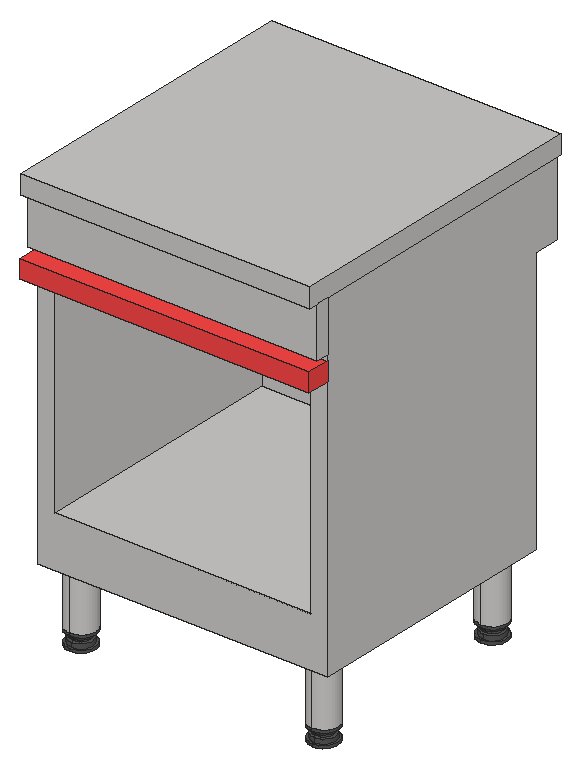
Revit family "ADB Armoire de rangement CMA 600 P", category Equipement spécialisé, Revit 2022
Family settings
  Cote de connecteur circulaire = Utiliser le diamètre
  Type d'élément = Normal
  Numéro OmniClass = 23.40.40.14.17.11
  Titre OmniClass = Cookers, Ovens, Stoves
  Basée sur le plan de construction = Non
  Toujours verticalement = Oui
  Couper avec des vides une fois chargée = Non
  Conserver l'orientation des annotations = Non
  Partagée = Non
  Repère de localisation dans la pièce = Non
Parameters (values of type "CMA 600 P")
  URL catalogue = "https://www.ambassade-de-bourgogne.com/fr/produits/armoires/Resources/N26-CMA_600_P.pdf"
  URL = "https://www.ambassade-de-bourgogne.com/fr/produits/armoires/Resources/N26-CMA_600_P.pdf"
  Type article = ""
  Spécification du Fabricant = ""
  Porte inversée [instance] = no
  Profondeur [instance] = 652 mm + if(Dosseret DSA 600, 50 mm, 0 mm) + if(Porte CPM 600, 53 mm, 0 mm)  # 652 mm
  Porte CPM 600 [instance] = no
  Poids net à vide [instance] = 55.00 kg + if(Dosseret DSA 600, 1.00 kg, 0.00 kg) + if(Porte CPM 600, 5.00 kg, 0.00 kg)  # 55.00 kg
  Modèle = "CMA 600 P"
  Longueur [instance] = 600 mm  # constant formula
  Hauteur [instance] = 900 mm + if(Dosseret DSA 600, 100 mm, 0 mm)  # 900 mm
  Fabricant = "Société Industrielle de Lacanche"  # constant formula
  Elévation par défaut = 0 mm
  Echelles ECH 400 [instance] = no
  Dosseret DSA 600 [instance] = no
  Dosseret [instance] = if(Dosseret DSA 600, 50 mm, 0 mm)  # 0 mm
  Description = "Armoire de rangement"
  Connecteurs [instance] = yes
  Commentaires du type = "Gamme Ambassade - Armoires - Armoire de rangement"
Reference planes
  plane 1 "Centre (avant/arrière)": y = 0
  plane 2: z = 0
  plane 3 "Centre (gauche/droite)": x = 0
  plane 4 "gauche": x = -300
  plane 5 "droite": x = 300
  plane 6 "fond de meuble": y = 325
  plane 7 "avant": y = -325
  plane 8 "arrière": y = 325
  plane 9: z = 900
  plane 10: y = -327
Forms (mm)
  Extrusion 1, solid, detail levels coarse
    sketch origin (0, 0, 0) x (1, 0, 0) y (0, 1, 0)
      loop
        line (-300, 325.033) -> (-300, -327) -> (300, -327) -> (300, 325.033) -> (-300, 325.033)
    from 0 to 900 <- "Hauteur"
Dimensions and locks
  equal spacing: plane 5 "droite", plane 3 "Centre (gauche/droite)", plane 4 "gauche"
  "Longueur": plane 5 "droite" to plane 4 "gauche"
  plane 6 "fond de meuble" to plane 7 "avant" = 650 mm
  locked: plane 7 "avant" to plane 1 "Centre (avant/arrière)" at 325
  "Dosseret": plane 8 "arrière" to plane 6 "fond de meuble"
  "Hauteur": plane 9 to plane 2
  "Profondeur": plane 8 "arrière" to plane 10
  aligned and locked: level to plane 2
  aligned and locked: plane 3 "Centre (gauche/droite)" to nested 1
  aligned and locked: Extrusion 1 to plane 10
Automatic sketch dimensions
  Extrusion 1 sketch curve to plane 4 "gauche" = 0 mm
  Extrusion 1 sketch curve to plane 5 "droite" = 0 mm
  Extrusion 1 sketch curve to plane 7 "avant" = 2 mm
  plane 8 "arrière" to Extrusion 1 sketch curve = 0.033 mm
Nested families
  nested 1: "Soubassement armoire" at (0, 0, 0), Dosseret <- "Dosseret DSA 600", Porte <- "Porte CPM 600", Porte inversée <- "Porte inversée", Echelle <- "Echelles ECH 400", type "1 armoire", detail levels medium+fine
    with Profondeur 703 mm, Porte inversée no, Porte no, Longueur 600 mm, Hauteur 900 mm, Encombrement Porte standard no, Encombrement Porte inversée no, Echelle no, Décalage poignée 233.5 mm, Dosseret no
Definition of nested family "Soubassement armoire"
  Parameters (values of type "1 armoire")
    Profondeur produit = 650 mm
    Profondeur baie libre = if(Baie libre, Profondeur produit - 68 mm, 1 mm)  # 582 mm
    Porte inversée [instance] = no
    Longueur poignée = 229 mm  # constant formula
    Encombrement Porte inversée [instance] = and(Porte, Porte inversée)  # no
    Encombrement Porte standard [instance] = and(Porte, not(Porte inversée))  # no
    Porte [instance] = no
    Profondeur [instance] = Profondeur produit + if(Dosseret, 50 mm, 0 mm) + 53 mm  # 703 mm
    Longueur produit = 600 mm
    Longueur [instance] = Longueur produit  # 600 mm
    Hauteur produit = 900 mm
    Hauteur [instance] = Hauteur produit + if(Dosseret, 100 mm, 0 mm)  # 900 mm
    Default Elevation = 0 mm
    Echelle [instance] = no
    Décalage poignée [instance] = if(Porte inversée, Longueur, 233.5 mm)  # 233.5 mm
    Dosseret [instance] = no
    Baie libre = yes
  Reference planes
    plane 1 "Centre (avant/arrière)": y = 0
    plane 2: z = 0
    plane 3 "Centre (gauche/droite)": x = 0
    plane 4 "Gauche": x = -300
    plane 5 "Arrière": y = 325
    plane 6 "Droite": x = 300
    plane 7 "Avant": y = -325
    plane 8 "dessous meuble": z = 155
    plane 9 "Dessus de plan": z = 900
    plane 10 "Baguette coloré": z = 696
    plane 11 "dessous plan": z = 860
    plane 12 "Face": y = -280
    plane 13 "commande": z = 755
    plane 14 "dessus dosseret": z = 900
    plane 15: y = -377.967
    plane 16: y = 325.033
    plane 17 "Baguette colorë": y = -780
    plane 18: x = -66.5
  Forms (mm)
    Extrusion 1, solid, visible <- "Porte", detail levels medium+fine
      sketch origin (-300, 0, 0) x (0, 1, 0) y (0, 0, 1)
        loop
          line (-325, 155) -> (-280, 155) -> (-280, 696) -> (-325, 696) -> (-325, 155)
      from 0 to 600 <- "Longueur"
    Extrusion 2, solid, detail levels medium+fine
      sketch origin (-300, 0, 0) x (0, 1, 0) y (0, 0, 1)
        loop
          line (-280, 742.5) -> (-327, 742.5) -> (-327, 705) -> (-280, 705) -> (-280, 742.5)
      from 0 to 600 <- "Longueur"
    Extrusion 3, solid, detail levels medium+fine
      sketch origin (-300, 0, 0) x (0, 1, 0) y (0, 0, 1)
        loop
          line (325, 900) -> (-325, 900) -> (-325, 860) -> (325, 860) -> (325, 900)
      from 0 to 600 <- "Longueur"
    Extrusion 4, void
      sketch origin (0, -325, 0) x (-1, 0, 0) y (0, 0, 1)
        loop
          line (266, 679) -> (-266, 679) -> (-266, 261.5) -> (266, 261.5) -> (266, 679)
      from 0 to 582 <- "Profondeur baie libre"
    Extrusion 5, solid, detail levels medium+fine
      sketch origin (-300, 0, 0) x (0, 1, 0) y (0, 0, 1)
        loop
          line (-280, 860) -> (-306, 860) -> (-306, 755) -> (-280, 755) -> (-280, 860)
      from 0 to 600 <- "Longueur"
    Extrusion 6, solid, detail levels medium+fine
      sketch origin (-300, 0, 0) x (0, 1, 0) y (0, 0, 1)
        loop
          line (315, 860) -> (-280, 860) -> (-280, 155) -> (260, 155) -> (260, 707) -> (315, 707) -> (315, 860)
      from 0 to 600 <- "Longueur"
    Revolve 7, solid, detail levels medium+fine
      sketch origin (251.965, 0, 0) x (0, 1, 0) y (0, 0, -1)
        loop
          line (-258.968, -155) -> (-229, -155) -> (-229, 0) -> (-258.492, 0) -> (-258.492, -5) -> (-253.001, -5) -> (-253.001, -13.586) -> (-248.857, -16.488) -> (-248.857, -22) -> (-252.82, -22) -> (-258.968, -28.148) -> (-258.968, -34) -> (-258.968, -155)
        axis (-229, 0) -> (-229, -155)
      angle from 0 to 360
    Revolve 8, solid, detail levels medium+fine
      sketch origin (-251.965, 0, 0) x (0, 1, 0) y (0, 0, 1)
        loop
          line (-258.968, 155) -> (-258.968, 34) -> (-258.968, 28.148) -> (-252.82, 22) -> (-248.857, 22) -> (-248.857, 16.488) -> (-253.001, 13.586) -> (-253.001, 5) -> (-258.492, 5) -> (-258.492, 0) -> (-229, 0) -> (-229, 155) -> (-258.968, 155)
        axis (-229, 0) -> (-229, 155)
      angle from 0 to 360
    Revolve 9, solid, detail levels medium+fine
      sketch origin (-251.965, -20, 0) x (0, -1, 0) y (0, 0, -1)
        loop
          line (-258.968, -155) -> (-229, -155) -> (-229, 0) -> (-258.492, 0) -> (-258.492, -5) -> (-253.001, -5) -> (-253.001, -13.586) -> (-248.857, -16.488) -> (-248.857, -22) -> (-252.82, -22) -> (-258.968, -28.148) -> (-258.968, -34) -> (-258.968, -155)
        axis (-229, 0) -> (-229, -155)
      angle from 0 to 360
    Extrusion 10, solid, visible <- "Dosseret", detail levels medium+fine
      sketch origin (-300, 0, 0) x (0, 1, 0) y (0, 0, 1)
        loop
          line (375.033, 1000) -> (325, 1000) -> (325, 860) -> (375.033, 860) -> (375.033, 1000)
      from 0 to 600 <- "Longueur"
    Revolve 11, solid, detail levels medium+fine
      sketch origin (251.965, -20, 0) x (0, -1, 0) y (0, 0, 1)
        loop
          line (-258.968, 155) -> (-258.968, 34) -> (-258.968, 28.148) -> (-252.82, 22) -> (-248.857, 22) -> (-248.857, 16.488) -> (-253.001, 13.586) -> (-253.001, 5) -> (-258.492, 5) -> (-258.492, 0) -> (-229, 0) -> (-229, 155) -> (-258.968, 155)
        axis (-229, 0) -> (-229, 155)
      angle from 0 to 360
    Extrusion 12, void
      sketch origin (0, 0, 900) x (0, -1, 0) y (1, 0, 0)
        loop
          line (-307.033, -266.567) -> (-293.033, -266.567) -> (-293.033, 266.464) -> (-307.033, 266.464) -> (-307.033, -266.567)
      from 0 to -0.8
    Extrusion 13, solid, detail levels medium+fine
      sketch origin (-300, 260, 155) x (0, 0, 1) y (1, 0, 0)
        loop
          line (65, 454) -> (65, 146) -> (552, 146) -> (552, 454) -> (65, 454)
      from 0 to 35
    Extrusion 14, solid, visible <- "Echelle"
      sketch origin (0, 0, 0) x (1, 0, 0) y (0, 0, 1)
        loop
          line (-266, 648.8) -> (-266, 623.8) -> (-256.5, 623.8) -> (-256.5, 625) -> (-264.8, 625) -> (-264.8, 647.6) -> (-248, 647.6) -> (-248, 648.8) -> (-266, 648.8)
        loop
          line (-266, 548.8) -> (-266, 523.8) -> (-256.5, 523.8) -> (-256.5, 525) -> (-264.8, 525) -> (-264.8, 547.6) -> (-248, 547.6) -> (-248, 548.8) -> (-266, 548.8)
        loop
          line (-266, 448.8) -> (-266, 423.8) -> (-256.5, 423.8) -> (-256.5, 425) -> (-264.8, 425) -> (-264.8, 447.6) -> (-248, 447.6) -> (-248, 448.8) -> (-266, 448.8)
        loop
          line (-266, 348.8) -> (-266, 323.8) -> (-256.5, 323.8) -> (-256.5, 325) -> (-264.8, 325) -> (-264.8, 347.6) -> (-248, 347.6) -> (-248, 348.8) -> (-266, 348.8)
      from -113.466 to 206.5
    Extrusion 15, solid, visible <- "Echelle"
      sketch origin (0, 0, 0) x (-1, 0, 0) y (0, 0, -1)
        loop
          line (-266, -648.8) -> (-248, -648.8) -> (-248, -647.6) -> (-264.8, -647.6) -> (-264.8, -625) -> (-256.5, -625) -> (-256.5, -623.8) -> (-266, -623.8) -> (-266, -648.8)
        loop
          line (-266, -548.8) -> (-248, -548.8) -> (-248, -547.6) -> (-264.8, -547.6) -> (-264.8, -525) -> (-256.5, -525) -> (-256.5, -523.8) -> (-266, -523.8) -> (-266, -548.8)
        loop
          line (-266, -448.8) -> (-248, -448.8) -> (-248, -447.6) -> (-264.8, -447.6) -> (-264.8, -425) -> (-256.5, -425) -> (-256.5, -423.8) -> (-266, -423.8) -> (-266, -448.8)
        loop
          line (-266, -348.8) -> (-248, -348.8) -> (-248, -347.6) -> (-264.8, -347.6) -> (-264.8, -325) -> (-256.5, -325) -> (-256.5, -323.8) -> (-266, -323.8) -> (-266, -348.8)
      from -113.466 to 206.5
  Cuts and joins
    Extrusion 4 cuts Extrusion 6
    Extrusion 12 cuts Extrusion 10
  Lines and regions (mm)
    symbolic lines, visible <- "Encombrement Porte standard"
      curve 1: line (300, -280, 155) -> (300, -880, 155)
      curve 4: arc (-300, -280, 155) -> (-124.264, -704.264, 155) -> (300, -880, 155) r 600
    symbolic lines, visible <- "Encombrement Porte inversée"
      curve 2: line (-300, -280, 155) -> (-300, -880, 155)
      curve 3: arc (300, -280, 155) -> (124.264, -704.264, 155) -> (-300, -880, 155) r 600
  Dimensions and locks
    equal spacing: plane 7 "Avant", plane 1 "Centre (avant/arrière)", plane 5 "Arrière"
    "Profondeur produit": plane 5 "Arrière" to plane 7 "Avant"
    equal spacing: plane 4 "Gauche", plane 3 "Centre (gauche/droite)", plane 6 "Droite"
    "Longueur produit": plane 4 "Gauche" to plane 6 "Droite"
    "Hauteur produit": plane 9 "Dessus de plan" to plane 2
    locked: plane 8 "dessous meuble" to plane 2 at 155
    locked: plane 9 "Dessus de plan" to plane 11 "dessous plan" at 40
    locked: plane 7 "Avant" to plane 12 "Face" at 45
    locked: plane 13 "commande" to plane 10 "Baguette coloré" at 59
    locked: plane 11 "dessous plan" to plane 13 "commande" at 105
    Extrusion 4 sketch curve to plane 8 "dessous meuble" = 106.5 mm
    Extrusion 4 sketch curve to plane 6 "Droite" = 34 mm
    Extrusion 4 sketch curve to plane 4 "Gauche" = 34 mm
    plane 10 "Baguette coloré" to Extrusion 4 sketch curve = 17 mm
    "Hauteur": plane 14 "dessus dosseret" to plane 2
    locked: plane 7 "Avant" to plane 15 at 52.967
    "Profondeur": plane 15 to plane 16
    equal spacing: Extrusion 13 sketch curve, plane 3 "Centre (gauche/droite)", Extrusion 13 sketch curve
    "Décalage poignée": plane 18 to plane 4 "Gauche"
    locked: plane 4 "Gauche" to Revolve 9 at 18.067
    locked: Revolve 11 to plane 6 "Droite" at 18.067
    locked: Revolve 7 to plane 6 "Droite" at 18.067
    locked: plane 4 "Gauche" to Revolve 8 at 18.067
    locked: Revolve 8 to plane 12 "Face" at 21.032
    locked: Revolve 7 to plane 12 "Face" at 21.032
    locked: plane 5 "Arrière" to Extrusion 10 sketch curve at 50.033
    plane 16 to Extrusion 12 sketch curve to Extrusion 12 sketch curve = 18 mm locked, 14 mm locked
    aligned and locked: level to plane 2
    aligned and locked: plane 18 to nested 1
  Automatic sketch dimensions
    Extrusion 1 sketch curve to plane 7 "Avant" = 0 mm
    Extrusion 1 sketch curve to plane 10 "Baguette coloré" = 0 mm
    Extrusion 1 sketch curve to plane 12 "Face" = 0 mm
    Extrusion 1 sketch curve to plane 8 "dessous meuble" = 0 mm
    Extrusion 2 sketch curve to plane 12 "Face" = 0 mm
    Extrusion 2 sketch curve to plane 7 "Avant" = 2 mm
    plane 10 "Baguette coloré" to Extrusion 2 sketch curve = 9 mm
    Extrusion 2 sketch curve to plane 13 "commande" = 12.5 mm
    Extrusion 3 sketch curve to plane 7 "Avant" = 0 mm
    Extrusion 3 sketch curve to plane 5 "Arrière" = 0 mm
    Extrusion 3 sketch curve to plane 11 "dessous plan" = 0 mm
    Extrusion 3 sketch curve to plane 9 "Dessus de plan" = 0 mm
    Extrusion 5 sketch curve to plane 11 "dessous plan" = 0 mm
    Extrusion 5 sketch curve to plane 13 "commande" = 0 mm
    Extrusion 5 sketch curve to plane 12 "Face" = 0 mm
    plane 7 "Avant" to Extrusion 5 sketch curve = 19 mm
    Extrusion 6 sketch curve to plane 11 "dessous plan" = 0 mm
    Extrusion 6 sketch curve to plane 12 "Face" = 0 mm
    Extrusion 6 sketch curve to plane 8 "dessous meuble" = 0 mm
    Extrusion 6 sketch curve to plane 5 "Arrière" = 65 mm
    Extrusion 6 sketch curve to plane 5 "Arrière" = 10 mm
    plane 10 "Baguette coloré" to Extrusion 6 sketch curve = 11 mm
    Revolve 7 sketch curve to plane 8 "dessous meuble" = 0 mm
    Revolve 7 sketch curve to level = 0 mm
    plane 12 "Face" to Revolve 7 sketch curve = 21.032 mm
    plane 12 "Face" to Revolve 7 sketch curve = 21.508 mm
    Revolve 7 sketch curve to Revolve 7 sketch curve = 5.491 mm
    Revolve 7 sketch curve to Revolve 7 sketch curve = 0.181 mm
    Revolve 7 sketch curve to Revolve 7 sketch curve = 3.964 mm
    Revolve 7 sketch curve to Revolve 7 sketch curve = 24.001 mm
    level to Revolve 7 sketch curve = 34 mm
    Revolve 7 sketch curve to Revolve 7 sketch curve = 5.852 mm
    Revolve 7 sketch curve to Revolve 7 sketch curve = 6.148 mm
    Revolve 7 sketch curve to Revolve 7 sketch curve = 5.512 mm
    Revolve 7 sketch curve to Revolve 7 sketch curve = 2.902 mm
    level to Revolve 7 sketch curve = 5 mm
    Revolve 7 sketch curve to Revolve 7 sketch curve = 0 mm
    plane 8 "dessous meuble" to Revolve 7 sketch curve = 19 mm
    Revolve 7 sketch curve to Revolve 7 sketch curve = 12 mm
    Revolve 8 sketch curve to plane 8 "dessous meuble" = 0 mm
    Revolve 8 sketch curve to level = 0 mm
    plane 12 "Face" to Revolve 8 sketch curve = 21.032 mm
    plane 12 "Face" to Revolve 8 sketch curve = 21.508 mm
    Revolve 8 sketch curve to Revolve 8 sketch curve = 5.491 mm
    Revolve 8 sketch curve to Revolve 8 sketch curve = 0.181 mm
    Revolve 8 sketch curve to Revolve 8 sketch curve = 3.964 mm
    Revolve 8 sketch curve to Revolve 8 sketch curve = 24.001 mm
    level to Revolve 8 sketch curve = 5 mm
    Revolve 8 sketch curve to Revolve 8 sketch curve = 8.586 mm
    Revolve 8 sketch curve to Revolve 8 sketch curve = 2.902 mm
    Revolve 8 sketch curve to Revolve 8 sketch curve = 5.512 mm
    Revolve 8 sketch curve to Revolve 8 sketch curve = 6.148 mm
    Revolve 8 sketch curve to Revolve 8 sketch curve = 5.852 mm
    Revolve 8 sketch curve to Revolve 8 sketch curve = 0 mm
    Revolve 8 sketch curve to Revolve 8 sketch curve = 12 mm
    plane 8 "dessous meuble" to Revolve 8 sketch curve = 19 mm
    Revolve 9 sketch curve to plane 8 "dessous meuble" = 0 mm
    Revolve 9 sketch curve to level = 0 mm
    level to Revolve 9 sketch curve = 28.148 mm
    Revolve 9 sketch curve to plane 5 "Arrière" = 86.032 mm
    Revolve 9 sketch curve to Revolve 9 sketch curve = 0.477 mm
    level to Revolve 9 sketch curve = 13.586 mm
    Revolve 9 sketch curve to Revolve 9 sketch curve = 5.491 mm
    Revolve 9 sketch curve to Revolve 9 sketch curve = 0.181 mm
    Revolve 9 sketch curve to Revolve 9 sketch curve = 3.964 mm
    Revolve 9 sketch curve to Revolve 9 sketch curve = 24.001 mm
    Revolve 9 sketch curve to Revolve 9 sketch curve = 5.852 mm
    Revolve 9 sketch curve to Revolve 9 sketch curve = 8.414 mm
    Revolve 9 sketch curve to Revolve 9 sketch curve = 2.902 mm
    level to Revolve 9 sketch curve = 5 mm
    Revolve 9 sketch curve to Revolve 9 sketch curve = 0 mm
    plane 8 "dessous meuble" to Revolve 9 sketch curve = 19 mm
    Revolve 9 sketch curve to Revolve 9 sketch curve = 12 mm
    Extrusion 10 sketch curve to plane 5 "Arrière" = 0 mm
    Extrusion 10 sketch curve to plane 11 "dessous plan" = 0 mm
    plane 9 "Dessus de plan" to Extrusion 10 sketch curve = 100 mm
    curve 3 to plane 6 "Droite" = 0 mm
    curve 3 to plane 4 "Gauche" = 0 mm
    curve 4 to plane 4 "Gauche" = 0 mm
    curve 4 to plane 12 "Face" = 0 mm
    curve 2 to plane 12 "Face" = 0 mm
    curve 3 to plane 12 "Face" = 0 mm
    Revolve 11 sketch curve to plane 8 "dessous meuble" = 0 mm
    Revolve 11 sketch curve to level = 0 mm
    level to Revolve 11 sketch curve = 28.148 mm
    Revolve 11 sketch curve to plane 5 "Arrière" = 86.032 mm
    Revolve 11 sketch curve to Revolve 11 sketch curve = 0.477 mm
    level to Revolve 11 sketch curve = 13.586 mm
    Revolve 11 sketch curve to Revolve 11 sketch curve = 5.491 mm
    Revolve 11 sketch curve to Revolve 11 sketch curve = 0.181 mm
    Revolve 11 sketch curve to Revolve 11 sketch curve = 3.964 mm
    Revolve 11 sketch curve to Revolve 11 sketch curve = 24.001 mm
    level to Revolve 11 sketch curve = 5 mm
    Revolve 11 sketch curve to Revolve 11 sketch curve = 2.902 mm
    Revolve 11 sketch curve to Revolve 11 sketch curve = 5.512 mm
    Revolve 11 sketch curve to Revolve 11 sketch curve = 5.852 mm
    Revolve 11 sketch curve to Revolve 11 sketch curve = 0 mm
    Revolve 11 sketch curve to Revolve 11 sketch curve = 12 mm
    plane 8 "dessous meuble" to Revolve 11 sketch curve = 19 mm
    plane 4 "Gauche" to Extrusion 12 sketch curve = 33.433 mm
    plane 6 "Droite" to Extrusion 12 sketch curve = 33.536 mm
    Extrusion 13 sketch curve to Extrusion 6 = 0 mm
    Extrusion 6 to Extrusion 13 sketch curve = 65 mm
    Extrusion 6 to Extrusion 13 sketch curve = 146 mm
    plane 4 "Gauche" to Extrusion 14 sketch curve = 34 mm  (x4)
    Extrusion 14 sketch curve to Extrusion 14 sketch curve = 1.2 mm  (x12)
    Extrusion 14 sketch curve to Extrusion 14 sketch curve = 8.3 mm  (x4)
    Extrusion 14 sketch curve to Extrusion 14 sketch curve = 16.8 mm  (x4)
    plane 8 "dessous meuble" to Extrusion 14 sketch curve = 168.8 mm
    Extrusion 14 sketch curve to Extrusion 14 sketch curve = 22.6 mm  (x4)
    Extrusion 14 sketch curve to Extrusion 14 sketch curve = 75 mm  (x2)
    Extrusion 14 sketch curve to plane 10 "Baguette coloré" = 72.2 mm
    plane 6 "Droite" to Extrusion 15 sketch curve = 34 mm  (x4)
    Extrusion 15 sketch curve to Extrusion 15 sketch curve = 1.2 mm  (x12)
    Extrusion 15 sketch curve to Extrusion 15 sketch curve = 8.3 mm  (x4)
    Extrusion 15 sketch curve to Extrusion 15 sketch curve = 16.8 mm  (x4)
    Extrusion 15 sketch curve to plane 10 "Baguette coloré" = 47.2 mm
    Extrusion 15 sketch curve to Extrusion 15 sketch curve = 22.6 mm  (x4)
    Extrusion 15 sketch curve to Extrusion 15 sketch curve = 75 mm  (x3)
    curve 1 to plane 6 "Droite" = 0 mm
    curve 1 to plane 12 "Face" = 0 mm
  Nested families
    nested 1: "Poignée" at (-181, -325, 681.933) x (1, 0, 0) z (0, -1, 0), visible <- "Porte", Longueur <- "Longueur poignée", type "Poignée", detail levels fine
      with Longueur 229 mm
  Definition of nested family "Poignée"
    Parameters (values of type "Poignée")
      Longueur [instance] = 800 mm
      Default Elevation = 1219.2 mm
    Reference planes
      plane 1 "Centre (avant/arrière)": y = 0
      plane 2: z = 0
      plane 3 "Centre (gauche/droite)": x = 0
      plane 4: x = -400
      plane 5: x = 400
      plane 6: x = -395
      plane 7: x = 395
    Forms (mm)
      Extrusion 1, solid
        sketch origin (0, 0, 0) x (1, 0, 0) y (0, 1, 0)
          loop
            line (-1219.2, 1219.2) -> (-1219.2, -1219.2) -> (1219.2, -1219.2) -> (1219.2, 1219.2) -> (-1219.2, 1219.2)
        from 0 to -304.8
      Extrusion 2, solid
        sketch origin (0, 0, 0) x (0, 1, 0) y (0, 0, 1)
          loop
            circle (0, 38.995) r 13.972
        from -395 to 395
      Extrusion 3, solid
        sketch origin (0, 0, 0) x (1, 0, 0) y (0, 1, 0)
          loop
            circle (-363.542, 0) r 8.5
          loop
            circle (363.453, 0) r 8.5
        from 0 to 37.089
    Cuts and joins
      joined: Extrusion 2, Extrusion 3
    Dimensions and locks
      equal spacing: plane 4, plane 3 "Centre (gauche/droite)", plane 5
      "Longueur": plane 4 to plane 5
      locked: plane 4 to plane 6 at 5
      locked: plane 7 to plane 5 at 5
      locked: plane 6 to Extrusion 3 sketch curve at 31.458
      locked: Extrusion 3 sketch curve to plane 7 at 31.547
      aligned and locked: plane 2 to Extrusion 1
      aligned and locked: level to Extrusion 1
      aligned and locked: plane 6 to Extrusion 2
      aligned and locked: Extrusion 2 to plane 7
      aligned and locked: plane 1 "Centre (avant/arrière)" to Extrusion 3 sketch curve
    Automatic sketch dimensions
      Extrusion 1 sketch curve to Extrusion 1 sketch curve = 2438.4 mm  (x2)
      Extrusion 2 sketch curve to plane 1 "Centre (avant/arrière)" = 0 mm
      level to Extrusion 2 sketch curve = 38.995 mm
      plane 1 "Centre (avant/arrière)" to Extrusion 3 sketch curve = 0 mm
      radius of Extrusion 2 sketch curve = 13.972 mm
      radius of Extrusion 3 sketch curve = 8.5 mm  (x2)
